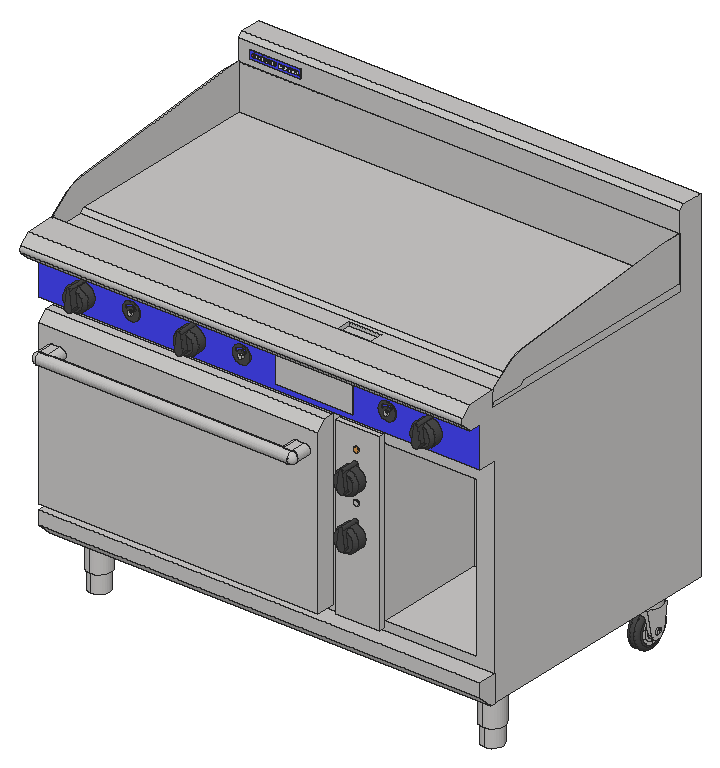
Revit family "QF_MOFFAT_BLUESEAL_AU_GPE508", category Specialty Equipment, Revit 2012 (continued)
Definition of nested family "ELECTRIC GRIDDLE PLATE"
  Automatic sketch dimensions
    curve 2 to plane 5 "FRONT" = 93.503 mm
    curve 2 to curve 1 = 10.5 mm
    plane 1 "BACK" to curve 8 = 0 mm
    Extrusion 1 sketch curve to plane 5 "FRONT" = 0 mm
    Extrusion 1 sketch curve to plane 6 "TOP" = 0 mm
    Extrusion 1 sketch curve to plane 5 "FRONT" = 52.097 mm
    Extrusion 1 sketch curve to plane 6 "TOP" = 45.977 mm
    Extrusion 1 sketch curve to Extrusion 1 sketch curve = 47.773 mm
    Extrusion 1 sketch curve to level = 3.016 mm
    Extrusion 1 sketch curve to Extrusion 1 sketch curve = 9.585 mm
    plane 1 "BACK" to Extrusion 1 sketch curve = 57.045 mm
    Extrusion 1 sketch curve to plane 1 "BACK" = 0.003 mm
    level to Extrusion 1 sketch curve = 0.5 mm
    Extrusion 1 sketch curve to Extrusion 1 sketch curve = 41.5 mm
    Extrusion 3 sketch curve to plane 5 "FRONT" = 0.6 mm
    level to Extrusion 3 sketch curve = 10 mm
    Extrusion 3 sketch curve to Extrusion 3 sketch curve = 92.903 mm
    Extrusion 3 sketch curve to Extrusion 3 sketch curve = 10.5 mm  (x2)
    Extrusion 3 sketch curve to plane 1 "BACK" = 0.003 mm
    level to Extrusion 3 sketch curve = 0.5 mm
    Extrusion 3 to Extrusion 4 sketch curve = 10.6 mm
    Extrusion 4 sketch curve to Extrusion 4 sketch curve = 38.5 mm
    Extrusion 3 to Extrusion 4 sketch curve = 457.25 mm
    Extrusion 4 sketch curve to Extrusion 4 sketch curve = 88.5 mm
    Extrusion 5 sketch curve to plane 6 "TOP" = 0 mm
    level to Extrusion 5 sketch curve = 20.5 mm
    plane 3 "LEFT" to Extrusion 5 sketch curve = 1.8 mm
    plane 7 "Center Y" to Extrusion 5 sketch curve = 600 mm
    plane 5 "FRONT" to curve 9 = 0 mm
    Extrusion 2 sketch curve to plane 6 "TOP" = 0 mm
    Extrusion 2 sketch curve to plane 5 "FRONT" = 0 mm
    Extrusion 2 sketch curve to plane 5 "FRONT" = 52.097 mm
    Extrusion 2 sketch curve to Extrusion 2 sketch curve = 47.773 mm
    Extrusion 2 sketch curve to level = 3.016 mm
    Extrusion 2 sketch curve to Extrusion 2 sketch curve = 57.358 mm
    plane 1 "BACK" to Extrusion 2 sketch curve = 57.045 mm
    Extrusion 2 sketch curve to plane 1 "BACK" = 0.003 mm
    level to Extrusion 2 sketch curve = 0.5 mm
    Extrusion 2 sketch curve to Extrusion 2 sketch curve = 41.5 mm
    Extrusion 2 sketch curve to plane 6 "TOP" = 63.601 mm
    curve 10 to plane 4 "RIGHT" = 0 mm
Definition of nested family "WALDORF LOGO_FACE BASE"
  Parameters (values of type "WALDORF LOGO_FACE BASE")
    Show Logo [instance] = yes
    Default Elevation = 1219.2 mm
  Reference planes
    plane 1 "Center (Front/Back)": y = 0
    plane 2: z = 0
    plane 3 "Center (Left/Right)": x = 0
  Forms (mm)
    Extrusion 1, solid
      sketch origin (0, 0, 0) x (1, 0, 0) y (0, 1, 0)
        loop
          line (-1219.2, 1219.2) -> (-1219.2, -1219.2) -> (1219.2, -1219.2) -> (1219.2, 1219.2) -> (-1219.2, 1219.2)
      from 0 to -304.8
    Extrusion 2, solid, material "QF_Finishes_Blue", visible <- "Show Logo"
      sketch origin (0, -33.217, 0) x (1, 0, 0) y (0, 1, 0)
        loop
          arc (138, 31.942) -> (137.626, 32.844) -> (136.724, 33.217) r 1.276
          line (136.724, 33.217) -> (1.29, 33.217)
          arc (1.29, 33.217) -> (0.378, 32.839) -> (0, 31.927) r 1.29
          line (0, 31.927) -> (0, 11.507)
          arc (0, 11.507) -> (0.378, 10.595) -> (1.29, 10.217) r 1.29
          line (1.29, 10.217) -> (136.71, 10.217)
          arc (136.71, 10.217) -> (137.622, 10.595) -> (138, 11.507) r 1.29
          line (138, 11.507) -> (138, 31.942)
      from 0 to 1.588
    Extrusion 3, solid, material "QF_Finishes_White", visible <- "Show Logo"
      sketch origin (0, -33.217, 1.588) x (1, 0, 0) y (0, 1, 0)
        loop
          arc (108.946, 25.919) -> (107.613, 25.367) -> (107.061, 24.034) r 1.885
          line (107.061, 24.034) -> (107.061, 17.211) -> (112.704, 17.211) -> (112.704, 19.129) -> (115.546, 19.129) -> (115.546, 17.211) -> (121.584, 17.211) -> (121.584, 24.075)
          arc (121.584, 24.075) -> (121.043, 25.379) -> (119.739, 25.919) r 1.845
          line (119.739, 25.919) -> (108.946, 25.919)
        loop
          line (123.478, 25.919) -> (123.478, 17.163) -> (134.904, 17.163) -> (134.904, 19.129) -> (129.246, 19.129) -> (129.246, 25.919) -> (123.478, 25.919)
        loop
          line (112.704, 21.258) -> (115.546, 21.258) -> (115.546, 22.702)
          arc (115.546, 22.702) -> (115.344, 23.188) -> (114.858, 23.389) r 0.687
          line (114.858, 23.389) -> (113.363, 23.389)
          arc (113.363, 23.389) -> (112.897, 23.196) -> (112.704, 22.73) r 0.658
          line (112.704, 22.73) -> (112.704, 21.258)
        loop
          line (105.071, 25.919) -> (93.771, 25.919) -> (93.771, 17.163) -> (105.071, 17.163) -> (105.071, 19.063) -> (99.535, 19.063) -> (99.535, 20.437) -> (105.071, 20.437) -> (105.071, 22.278) -> (99.535, 22.278) -> (99.535, 23.587) -> (105.071, 23.587) -> (105.071, 25.919)
        loop
          line (91.104, 25.919) -> (79.541, 25.919)
          arc (79.541, 25.919) -> (78.558, 25.513) -> (78.152, 24.53) r 1.389
          line (78.152, 24.53) -> (78.152, 22.08)
          arc (78.152, 22.08) -> (78.558, 21.098) -> (79.541, 20.691) r 1.389
          line (79.541, 20.691) -> (86.346, 20.691) -> (86.346, 18.864) -> (83.266, 18.864) -> (83.266, 19.664) -> (78.152, 19.664) -> (78.152, 18.553)
          arc (78.152, 18.553) -> (78.558, 17.57) -> (79.541, 17.163) r 1.389
          line (79.541, 17.163) -> (91.063, 17.163)
          arc (91.063, 17.163) -> (92.045, 17.57) -> (92.452, 18.553) r 1.389
          line (92.452, 18.553) -> (92.452, 20.691)
          arc (92.452, 20.691) -> (92.045, 21.673) -> (91.063, 22.08) r 1.389
          line (91.063, 22.08) -> (83.266, 22.08) -> (83.266, 23.984) -> (86.346, 23.984) -> (86.346, 22.743) -> (92.452, 22.743) -> (92.452, 24.571)
          arc (92.452, 24.571) -> (92.057, 25.524) -> (91.104, 25.919) r 1.348
        loop
          line (70.705, 25.919) -> (59.405, 25.919) -> (59.405, 17.163) -> (70.705, 17.163) -> (70.705, 19.063) -> (65.169, 19.063) -> (65.169, 20.437) -> (70.705, 20.437) -> (70.705, 22.278) -> (65.169, 22.278) -> (65.169, 23.587) -> (70.705, 23.587) -> (70.705, 25.919)
        loop
          line (57.598, 25.919) -> (51.7, 25.919) -> (51.7, 20.18)
          arc (51.7, 20.18) -> (50.63, 19.11) -> (49.56, 20.18) r 1.07
          line (49.56, 20.18) -> (49.56, 25.919) -> (43.663, 25.919) -> (43.663, 19.049)
          arc (43.663, 19.049) -> (44.215, 17.716) -> (45.548, 17.163) r 1.885
          line (45.548, 17.163) -> (55.71, 17.163)
          arc (55.71, 17.163) -> (57.045, 17.716) -> (57.598, 19.051) r 1.887
          line (57.598, 19.051) -> (57.598, 25.919)
        loop
          line (31.62, 25.919) -> (31.62, 17.163) -> (43.046, 17.163) -> (43.046, 19.129) -> (37.388, 19.129) -> (37.388, 25.919) -> (31.62, 25.919)
        loop
          line (15.969, 25.919) -> (15.969, 17.163) -> (28.693, 17.163)
          arc (28.693, 17.163) -> (29.812, 17.627) -> (30.276, 18.746) r 1.582
          line (30.276, 18.746) -> (30.276, 20.447) -> (29.48, 21.243) -> (30.276, 22.039) -> (30.276, 24.332)
          arc (30.276, 24.332) -> (29.811, 25.454) -> (28.688, 25.919) r 1.587
          line (28.688, 25.919) -> (15.969, 25.919)
        loop
          line (21.449, 24.159) -> (21.449, 22.436) -> (23.862, 22.436)
          arc (23.862, 22.436) -> (24.723, 23.298) -> (23.862, 24.159) r 0.861
          line (23.862, 24.159) -> (21.449, 24.159)
        loop
          line (21.449, 20.244) -> (21.449, 18.522) -> (23.862, 18.522)
          arc (23.862, 18.522) -> (24.723, 19.383) -> (23.862, 20.244) r 0.861
          line (23.862, 20.244) -> (21.449, 20.244)
      from 0 to 0.2
    Extrusion 4, solid, material "QF_Finishes_Blue", visible <- "Show Logo"
      sketch origin (-126.498, -31.09, 1.588) x (1, 0, 0) y (0, 1, 0)
        loop
          line (136.738, 23.522) -> (136.738, 15.1)
          arc (136.738, 15.1) -> (140.756, 19.311) -> (136.738, 23.522) r 4.216
      from 0 to 0.2
    Extrusion 5, solid, material "QF_Finishes_Red", visible <- "Show Logo"
      sketch origin (146.849, -31.09, 1.588) x (-1, 0, 0) y (0, -1, 0)
        loop
          arc (136.738, -23.522) -> (140.756, -19.311) -> (136.738, -15.1) r 4.216
          line (136.738, -15.1) -> (136.738, -23.522)
      from 0 to 0.2
  Lines and regions (mm)
    Split face 1
      outline origin (-90.35, -30.793, 1.588) x (1, 0, 0) y (0, 1, 0)
        loop
          circle (100.54, 19.013) r 4.536
  Dimensions and locks
    aligned and locked: plane 2 to Extrusion 1
    aligned and locked: level to Extrusion 1
